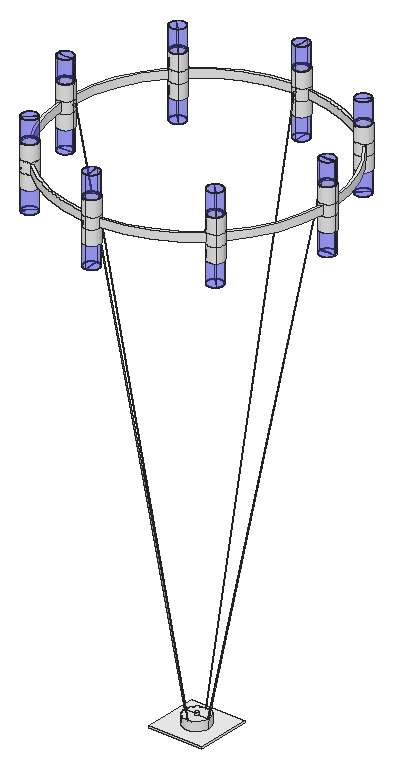
Revit family "BE_50881.1_de_DE", category Leuchten, Revit 2020 (continued)
Definition of nested family "BE_50881.1"
  Automatic sketch dimensions
    Revolve 30 sketch curve to Revolve 30 sketch curve = 4.846 mm  (x2)
    Revolve 30 sketch curve to Revolve 30 sketch curve = 0.451 mm  (x2)
    Revolve 30 sketch curve to Revolve 30 sketch curve = 0.654 mm  (x2)
    Revolve 30 sketch curve to Revolve 30 sketch curve = 2.995 mm  (x2)
    Revolve 30 sketch curve to Revolve 30 sketch curve = 3.004 mm  (x2)
    Revolve 30 sketch curve to Revolve 30 sketch curve = 51 mm
    Revolve 30 sketch curve to Revolve 30 sketch curve = 51.654 mm
    Revolve 30 sketch curve to Revolve 30 sketch curve = 294.5 mm
    Revolve 30 sketch curve to Revolve 30 sketch curve = 2.186 mm  (x2)
    Revolve 30 sketch curve to Revolve 30 sketch curve = 8.779 mm
    Revolve 30 sketch curve to Revolve 30 sketch curve = 2.372 mm
    Revolve 30 sketch curve to Revolve 30 sketch curve = 7.367 mm
    Revolve 30 sketch curve to Revolve 30 sketch curve = 3 mm  (x2)
    Revolve 30 sketch curve to Revolve 30 sketch curve = 0.079 mm  (x2)
    Revolve 30 sketch curve to Revolve 30 sketch curve = 48.545 mm
    Revolve 30 sketch curve to Revolve 30 sketch curve = 7.5 mm
    Revolve 30 sketch curve to Revolve 30 sketch curve = 104.779 mm
    Revolve 31 sketch curve to Revolve 31 sketch curve = 8.25 mm
    Revolve 31 sketch curve to Revolve 31 sketch curve = 81 mm
    Revolve 31 sketch curve to Revolve 31 sketch curve = 51.5 mm
    Revolve 31 sketch curve to Revolve 31 sketch curve = 2 mm
    Revolve 31 sketch curve to Revolve 31 sketch curve = 284.979 mm
    Revolve 32 sketch curve to Revolve 32 sketch curve = 0 mm
    Revolve 32 sketch curve to Revolve 32 sketch curve = 4.697 mm  (x2)
    Revolve 32 sketch curve to Revolve 32 sketch curve = 111 mm  (x2)
    Revolve 32 sketch curve to Revolve 32 sketch curve = 81 mm
    Revolve 32 sketch curve to Revolve 32 sketch curve = 54.803 mm
    Revolve 32 sketch curve to Revolve 32 sketch curve = 171.979 mm
    Revolve 32 sketch curve to Revolve 32 sketch curve = 2 mm
    Revolve 33 sketch curve to Revolve 33 sketch curve = 0 mm  (x15)
    Revolve 33 sketch curve to Revolve 33 sketch curve = 1 mm  (x2)
    Revolve 33 sketch curve to Revolve 33 sketch curve = 1.5 mm  (x2)
    Revolve 33 sketch curve to Revolve 33 sketch curve = 2 mm  (x2)
    Revolve 33 sketch curve to Revolve 33 sketch curve = 0.951 mm  (x2)
    Revolve 33 sketch curve to Revolve 33 sketch curve = 0.049 mm  (x2)
    Revolve 33 sketch curve to Revolve 33 sketch curve = 3.549 mm  (x2)
    Revolve 33 sketch curve to Revolve 33 sketch curve = 0.149 mm  (x2)
    Revolve 33 sketch curve to Revolve 33 sketch curve = 4.846 mm  (x2)
    Revolve 33 sketch curve to Revolve 33 sketch curve = 0.451 mm  (x2)
    Revolve 33 sketch curve to Revolve 33 sketch curve = 0.654 mm  (x2)
    Revolve 33 sketch curve to Revolve 33 sketch curve = 2.995 mm  (x2)
    Revolve 33 sketch curve to Revolve 33 sketch curve = 3.004 mm  (x2)
    Revolve 33 sketch curve to Revolve 33 sketch curve = 51 mm
    Revolve 33 sketch curve to Revolve 33 sketch curve = 51.654 mm
    Revolve 33 sketch curve to Revolve 33 sketch curve = 294.5 mm
    Revolve 33 sketch curve to Revolve 33 sketch curve = 2.186 mm  (x2)
    Revolve 33 sketch curve to Revolve 33 sketch curve = 8.779 mm
    Revolve 33 sketch curve to Revolve 33 sketch curve = 2.372 mm
    Revolve 33 sketch curve to Revolve 33 sketch curve = 7.367 mm
    Revolve 33 sketch curve to Revolve 33 sketch curve = 3 mm  (x2)
    Revolve 33 sketch curve to Revolve 33 sketch curve = 0.079 mm  (x2)
    Revolve 33 sketch curve to Revolve 33 sketch curve = 48.545 mm
    Revolve 33 sketch curve to Revolve 33 sketch curve = 7.5 mm
    Revolve 33 sketch curve to Revolve 33 sketch curve = 104.779 mm
    Revolve 34 sketch curve to Revolve 34 sketch curve = 8.25 mm
    Revolve 34 sketch curve to Revolve 34 sketch curve = 81 mm
    Revolve 34 sketch curve to Revolve 34 sketch curve = 51.5 mm
    Revolve 34 sketch curve to Revolve 34 sketch curve = 2 mm
    Revolve 34 sketch curve to Revolve 34 sketch curve = 284.979 mm
    Revolve 35 sketch curve to Revolve 35 sketch curve = 0 mm
    Revolve 35 sketch curve to Revolve 35 sketch curve = 4.697 mm  (x2)
    Revolve 35 sketch curve to Revolve 35 sketch curve = 111 mm  (x2)
    Revolve 35 sketch curve to Revolve 35 sketch curve = 81 mm
    Revolve 35 sketch curve to Revolve 35 sketch curve = 54.803 mm
    Revolve 35 sketch curve to Revolve 35 sketch curve = 2 mm
    Revolve 35 sketch curve to Revolve 35 sketch curve = 171.979 mm
    Revolve 36 sketch curve to Revolve 36 sketch curve = 0 mm  (x15)
    Revolve 36 sketch curve to Revolve 36 sketch curve = 1 mm  (x2)
    Revolve 36 sketch curve to Revolve 36 sketch curve = 1.5 mm  (x2)
    Revolve 36 sketch curve to Revolve 36 sketch curve = 2 mm  (x2)
    Revolve 36 sketch curve to Revolve 36 sketch curve = 0.951 mm  (x2)
    Revolve 36 sketch curve to Revolve 36 sketch curve = 0.049 mm  (x2)
    Revolve 36 sketch curve to Revolve 36 sketch curve = 3.549 mm  (x2)
    Revolve 36 sketch curve to Revolve 36 sketch curve = 0.149 mm  (x2)
    Revolve 36 sketch curve to Revolve 36 sketch curve = 4.846 mm  (x2)
    Revolve 36 sketch curve to Revolve 36 sketch curve = 0.451 mm  (x2)
    Revolve 36 sketch curve to Revolve 36 sketch curve = 0.654 mm  (x2)
    Revolve 36 sketch curve to Revolve 36 sketch curve = 2.995 mm  (x2)
    Revolve 36 sketch curve to Revolve 36 sketch curve = 3.004 mm  (x2)
    Revolve 36 sketch curve to Revolve 36 sketch curve = 51 mm
    Revolve 36 sketch curve to Revolve 36 sketch curve = 51.654 mm
    Revolve 36 sketch curve to Revolve 36 sketch curve = 0.133 mm
    Revolve 36 sketch curve to Revolve 36 sketch curve = 294.5 mm
    Revolve 36 sketch curve to Revolve 36 sketch curve = 2.186 mm  (x2)
    Revolve 36 sketch curve to Revolve 36 sketch curve = 2.372 mm
    Revolve 36 sketch curve to Revolve 36 sketch curve = 8.779 mm
    Revolve 36 sketch curve to Revolve 36 sketch curve = 7.367 mm
    Revolve 36 sketch curve to Revolve 36 sketch curve = 3 mm
    Revolve 36 sketch curve to Revolve 36 sketch curve = 0.079 mm  (x2)
    Revolve 36 sketch curve to Revolve 36 sketch curve = 48.545 mm
    Revolve 36 sketch curve to Revolve 36 sketch curve = 104.779 mm
    Revolve 36 sketch curve to Revolve 36 sketch curve = 7.5 mm
    Revolve 6 sketch curve to plane 3 "Mitte (Links/Rechts)" = 914.325 mm
    Revolve 10 sketch curve to plane 3 "Mitte (Links/Rechts)" = 931.021 mm
    Revolve 19 sketch curve to plane 3 "Mitte (Links/Rechts)" = 1049 mm
    Revolve 20 sketch curve to plane 3 "Mitte (Links/Rechts)" = 1048.75 mm
    Revolve 21 sketch curve to plane 3 "Mitte (Links/Rechts)" = 1048.75 mm
    level to Revolve 4 sketch curve = 3861.08 mm
    level to Revolve 5 sketch curve = 3861.08 mm
    Revolve 6 sketch curve to level = 3861.08 mm
    level to Revolve 7 sketch curve = 3861.08 mm
    level to Revolve 8 sketch curve = 3818.8 mm
    level to Revolve 9 sketch curve = 3861.8 mm
    Revolve 10 sketch curve to level = 3861.8 mm
    level to Revolve 11 sketch curve = 3866.8 mm
    level to Revolve 12 sketch curve = 3861.8 mm
    level to Revolve 13 sketch curve = 3808.8 mm
    level to Revolve 14 sketch curve = 4000.8 mm
    level to Revolve 15 sketch curve = 4003.002 mm
    Revolve 15 sketch curve to Revolve 15 sketch curve = 0.146 mm
    Revolve 15 sketch curve to Revolve 15 sketch curve = 0.172 mm  (x2)
    Revolve 15 sketch curve to Revolve 15 sketch curve = 181.779 mm
    Revolve 15 sketch curve to Revolve 15 sketch curve = 8.607 mm
    Revolve 15 sketch curve to Revolve 15 sketch curve = 1.817 mm
    Revolve 15 sketch curve to Revolve 15 sketch curve = 158.097 mm  (x2)
    Revolve 15 sketch curve to Revolve 15 sketch curve = 1.374 mm
    level to Revolve 16 sketch curve = 3889.8 mm
    level to Revolve 17 sketch curve = 4000.8 mm
    level to Revolve 18 sketch curve = 4465.279 mm
    Revolve 19 sketch curve to level = 3808.8 mm
    Revolve 20 sketch curve to level = 3697.8 mm
    Revolve 21 sketch curve to level = 3233.321 mm
    level to Revolve 22 sketch curve = 3808.8 mm
    level to Revolve 23 sketch curve = 3697.8 mm
    level to Revolve 24 sketch curve = 3233.321 mm
    level to Revolve 25 sketch curve = 3808.8 mm
    level to Revolve 26 sketch curve = 3697.8 mm
    level to Revolve 27 sketch curve = 3233.321 mm
    level to Revolve 28 sketch curve = 3808.8 mm
    level to Revolve 29 sketch curve = 4000.8 mm
    level to Revolve 30 sketch curve = 4003.002 mm
    Revolve 30 sketch curve to Revolve 30 sketch curve = 1.18 mm
    Revolve 30 sketch curve to Revolve 30 sketch curve = 1.374 mm
    Revolve 30 sketch curve to Revolve 30 sketch curve = 158.097 mm  (x2)
    Revolve 30 sketch curve to Revolve 30 sketch curve = 2.824 mm
    Revolve 30 sketch curve to Revolve 30 sketch curve = 181.779 mm
    Revolve 30 sketch curve to Revolve 30 sketch curve = 8.607 mm
    Revolve 30 sketch curve to Revolve 30 sketch curve = 0.172 mm
    Revolve 30 sketch curve to Revolve 30 sketch curve = 1.817 mm
    level to Revolve 31 sketch curve = 3808.8 mm
    level to Revolve 32 sketch curve = 4000.8 mm
    level to Revolve 33 sketch curve = 4003.002 mm
    Revolve 33 sketch curve to Revolve 33 sketch curve = 1.18 mm
    Revolve 33 sketch curve to Revolve 33 sketch curve = 1.374 mm
    Revolve 33 sketch curve to Revolve 33 sketch curve = 158.097 mm  (x2)
    Revolve 33 sketch curve to Revolve 33 sketch curve = 2.824 mm
    Revolve 33 sketch curve to Revolve 33 sketch curve = 181.779 mm
    Revolve 33 sketch curve to Revolve 33 sketch curve = 8.607 mm
    Revolve 33 sketch curve to Revolve 33 sketch curve = 0.172 mm
    Revolve 33 sketch curve to Revolve 33 sketch curve = 1.817 mm
    level to Revolve 34 sketch curve = 3808.8 mm
    level to Revolve 35 sketch curve = 4000.8 mm
    level to Revolve 36 sketch curve = 4003.002 mm
    Revolve 36 sketch curve to Revolve 36 sketch curve = 0.146 mm
    Revolve 36 sketch curve to Revolve 36 sketch curve = 0.172 mm  (x2)
    Revolve 36 sketch curve to Revolve 36 sketch curve = 181.779 mm
    Revolve 36 sketch curve to Revolve 36 sketch curve = 8.607 mm
    Revolve 36 sketch curve to Revolve 36 sketch curve = 1.817 mm
    Revolve 36 sketch curve to Revolve 36 sketch curve = 158.097 mm  (x2)
    Revolve 36 sketch curve to Revolve 36 sketch curve = 1.374 mm
    Revolve 4 sketch curve to plane 3 "Mitte (Links/Rechts)" = 914.325 mm
    Revolve 8 sketch curve to plane 3 "Mitte (Links/Rechts)" = 979.135 mm
    Revolve 12 sketch curve to plane 3 "Mitte (Links/Rechts)" = 929.521 mm
    Revolve 25 sketch curve to plane 3 "Mitte (Links/Rechts)" = 1049 mm
    Revolve 26 sketch curve to plane 3 "Mitte (Links/Rechts)" = 1048.75 mm
    Revolve 27 sketch curve to plane 3 "Mitte (Links/Rechts)" = 1048.75 mm
    plane 1 "Mitte (Oben/Unten)" to Revolve 7 sketch curve = 914.325 mm
    plane 1 "Mitte (Oben/Unten)" to Revolve 11 sketch curve = 929.521 mm
    plane 1 "Mitte (Oben/Unten)" to Revolve 22 sketch curve = 1050.5 mm
    plane 1 "Mitte (Oben/Unten)" to Revolve 23 sketch curve = 1050.25 mm
    plane 1 "Mitte (Oben/Unten)" to Revolve 24 sketch curve = 1050.25 mm
    Revolve 5 sketch curve to plane 1 "Mitte (Oben/Unten)" = 914.325 mm
    Revolve 9 sketch curve to plane 1 "Mitte (Oben/Unten)" = 929.521 mm
    Revolve 16 sketch curve to plane 1 "Mitte (Oben/Unten)" = 1050.5 mm
    Revolve 17 sketch curve to plane 1 "Mitte (Oben/Unten)" = 1050.25 mm
    Revolve 18 sketch curve to plane 1 "Mitte (Oben/Unten)" = 1050.25 mm
Types (2, lengths in mm): name | built-in parameter 1150104 | built-in parameter 1150134 | Modell | built-in parameter 1150105 | Lumens | Leuchtenlichtstrom | Lampenlichtstrom | LED_Modulbezeichnung | Farbtemperatur | Datei für fotometrisches Netz | Bestellnummer | built-in parameter 1150106 | built-in parameter 1150107
  BEGA_50881.1_K4 | 7.3115 (stored number, unit not read) | 12 | "50881.1K4" | 1623.3 (stored number, unit not read) | 20399 lm | "12920 lm" | "20400 lm" | "16x LED-0800/940" | "4000 K" | "BE_50881.1K4.IES" | "50881.1K4" | 16.233 (stored number, unit not read) | 4000 (stored number, unit not read)
  BEGA_50881.1_K3 | 7.2 (stored number, unit not read) | (empty or 0) | "50881.1K3" | 1598.6 (stored number, unit not read) | 20088 lm | "12720 lm" | "20080 lm" | "16x LED-0800/930" | "3000 K" | "BE_50881.1K3.IES" | "50881.1K3" | 15.986 (stored number, unit not read) | 3000 (stored number, unit not read)
